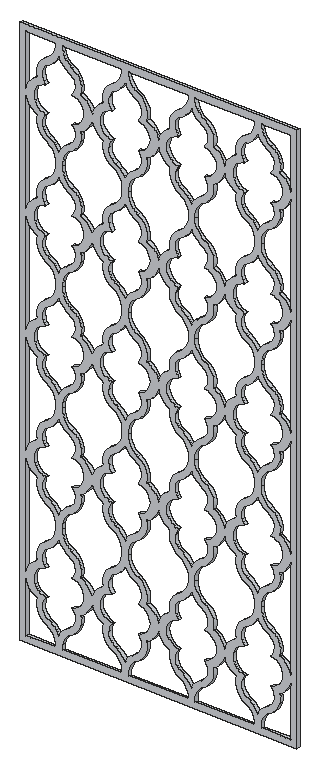
Revit family "Andalucia", category Generic Models, Revit 2016
Family settings
  Part Type = Normal
  Can host rebar = No
  Round Connector Dimension = Use Diameter
  Work Plane-Based = No
  Always vertical = Yes
  Cut with Voids When Loaded = No
  Shared = No
  Room Calculation Point = No
Reference planes (in)
  plane 1 "Center (Front/Back)": y = 0
  plane 2: z = 0
  plane 3 "Center (Left/Right)": x = 0
Forms (in)
  Extrusion 1, solid
    sketch origin (0, 0, 0) x (1, 0, 0) y (0, 0, 1)
      loop
        line (48, 96) -> (0, 96) -> (0, 0) -> (48, 0) -> (48, 96)
      loop
        line (1, 94.90526) -> (1, 86.16318)
        arc (1, 86.16318) -> (1.75019, 87.50892) -> (3.00772, 88.3991) r 3.48137
        arc (3.00772, 88.3991) -> (3.12012, 90.45573) -> (4.50141, 91.9836) r 3.08612
        arc (4.50141, 91.9836) -> (5.78282, 93.18885) -> (6.16825, 94.90526) r 3
        line (6.16825, 94.90526) -> (1, 94.90526)
      loop
        arc (7.33175, 94.90526) -> (7.72438, 93.17629) -> (9.02462, 91.97095) r 3
        arc (9.02462, 91.97095) -> (10.38717, 90.44269) -> (10.4943, 88.39803) r 3.08816
        arc (10.4943, 88.39803) -> (11.75053, 87.50799) -> (12.5, 86.16314) r 3.48102
        arc (12.5, 86.16314) -> (13.24947, 87.50799) -> (14.5057, 88.39803) r 3.48102
        arc (14.5057, 88.39803) -> (14.61283, 90.44269) -> (15.97538, 91.97095) r 3.08816
        arc (15.97538, 91.97095) -> (17.27562, 93.17629) -> (17.66825, 94.90526) r 3
        line (17.66825, 94.90526) -> (7.33175, 94.90526)
      loop
        arc (18.83175, 94.90526) -> (19.21718, 93.18885) -> (20.49859, 91.9836) r 3
        arc (20.49859, 91.9836) -> (21.87988, 90.45573) -> (21.99228, 88.3991) r 3.08612
        arc (21.99228, 88.3991) -> (23.24981, 87.50892) -> (24, 86.16318) r 3.48137
        arc (24, 86.16318) -> (24.75019, 87.50892) -> (26.00772, 88.3991) r 3.48137
        arc (26.00772, 88.3991) -> (26.12012, 90.45573) -> (27.50141, 91.9836) r 3.08612
        arc (27.50141, 91.9836) -> (28.78282, 93.18885) -> (29.16825, 94.90526) r 3
        line (29.16825, 94.90526) -> (18.83175, 94.90526)
      loop
        arc (30.33175, 94.90526) -> (30.72438, 93.17629) -> (32.02462, 91.97095) r 3
        arc (32.02462, 91.97095) -> (33.38717, 90.44269) -> (33.4943, 88.39803) r 3.08816
        arc (33.4943, 88.39803) -> (34.75053, 87.50799) -> (35.5, 86.16314) r 3.48102
        arc (35.5, 86.16314) -> (36.24947, 87.50799) -> (37.5057, 88.39803) r 3.48102
        arc (37.5057, 88.39803) -> (37.61283, 90.44269) -> (38.97538, 91.97095) r 3.08816
        arc (38.97538, 91.97095) -> (40.27562, 93.17629) -> (40.66825, 94.90526) r 3
        line (40.66825, 94.90526) -> (30.33175, 94.90526)
      loop
        arc (41.83175, 94.90526) -> (42.21718, 93.18885) -> (43.49859, 91.9836) r 3
        arc (43.49859, 91.9836) -> (44.87988, 90.45573) -> (44.99228, 88.3991) r 3.08612
        arc (44.99228, 88.3991) -> (46.24981, 87.50892) -> (47, 86.16318) r 3.48137
        line (47, 86.16318) -> (47, 94.90526) -> (41.83175, 94.90526)
      loop
        arc (39.49982, 91.1144) -> (38.43167, 89.59963) -> (39.01354, 87.83983) r 2.05948
        arc (39.01354, 87.83983) -> (36.94675, 85.51478) -> (39.01593, 83.19185) r 2.33984
        arc (39.01593, 83.19185) -> (38.44241, 81.34608) -> (39.64907, 79.8362) r 2.06216
        arc (39.64907, 79.8362) -> (40.57397, 79.11487) -> (41.25, 78.15637) r 4.0018
        arc (41.25, 78.15637) -> (41.92603, 79.11487) -> (42.85093, 79.8362) r 4.0018
        arc (42.85093, 79.8362) -> (44.05759, 81.34608) -> (43.48407, 83.19185) r 2.06216
        arc (43.48407, 83.19185) -> (45.55325, 85.51478) -> (43.48646, 87.83983) r 2.33984
        arc (43.48646, 87.83983) -> (44.05735, 89.68497) -> (42.85093, 91.19328) r 2.06222
        arc (42.85093, 91.19328) -> (41.92603, 91.9146) -> (41.25, 92.8731) r 4.0018
        arc (41.25, 92.8731) -> (40.51517, 91.85416) -> (39.49982, 91.1144) r 3.9877
      loop
        arc (47, 84.868) -> (46.24968, 83.52269) -> (44.99228, 82.63286) r 3.48124
        arc (44.99228, 82.63286) -> (44.87261, 80.55716) -> (43.46352, 79.02833) r 3.08642
        arc (43.46352, 79.02833) -> (42.20752, 77.82356) -> (41.83175, 76.12421) r 3
        arc (41.83175, 76.12421) -> (42.20752, 74.42486) -> (43.46352, 73.22009) r 3
        arc (43.46352, 73.22009) -> (44.87261, 71.69126) -> (44.99228, 69.61556) r 3.08642
        arc (44.99228, 69.61556) -> (46.24968, 68.72573) -> (47, 67.38042) r 3.48124
        line (47, 67.38042) -> (47, 84.868)
      loop
        arc (33.4943, 82.63393) -> (33.38208, 80.57569) -> (31.99986, 79.0465) r 3.08837
        arc (31.99986, 79.0465) -> (30.71753, 77.84124) -> (30.33175, 76.12421) r 3
        arc (30.33175, 76.12421) -> (30.71753, 74.40718) -> (31.99986, 73.20192) r 3
        arc (31.99986, 73.20192) -> (33.38208, 71.67273) -> (33.4943, 69.61449) r 3.08837
        arc (33.4943, 69.61449) -> (34.7504, 68.72479) -> (35.5, 67.38038) r 3.4809
        arc (35.5, 67.38038) -> (36.2496, 68.72479) -> (37.5057, 69.61449) r 3.4809
        arc (37.5057, 69.61449) -> (37.61792, 71.67273) -> (39.00014, 73.20192) r 3.08837
        arc (39.00014, 73.20192) -> (40.28247, 74.40718) -> (40.66825, 76.12421) r 3
        arc (40.66825, 76.12421) -> (40.28247, 77.84124) -> (39.00014, 79.0465) r 3
        arc (39.00014, 79.0465) -> (37.61792, 80.57569) -> (37.5057, 82.63393) r 3.08837
        arc (37.5057, 82.63393) -> (36.2496, 83.52363) -> (35.5, 84.86804) r 3.4809
        arc (35.5, 84.86804) -> (34.7504, 83.52363) -> (33.4943, 82.63393) r 3.4809
      loop
        arc (27.53648, 79.02833) -> (26.12739, 80.55716) -> (26.00772, 82.63286) r 3.08642
        arc (26.00772, 82.63286) -> (24.75032, 83.52269) -> (24, 84.868) r 3.48124
        arc (24, 84.868) -> (23.24968, 83.52269) -> (21.99228, 82.63286) r 3.48124
        arc (21.99228, 82.63286) -> (21.87261, 80.55716) -> (20.46352, 79.02833) r 3.08642
        arc (20.46352, 79.02833) -> (19.20752, 77.82356) -> (18.83175, 76.12421) r 3
        arc (18.83175, 76.12421) -> (19.20752, 74.42486) -> (20.46352, 73.22009) r 3
        arc (20.46352, 73.22009) -> (21.87261, 71.69126) -> (21.99228, 69.61556) r 3.08642
        arc (21.99228, 69.61556) -> (23.24968, 68.72573) -> (24, 67.38042) r 3.48124
        arc (24, 67.38042) -> (24.75032, 68.72573) -> (26.00772, 69.61556) r 3.48124
        arc (26.00772, 69.61556) -> (26.12739, 71.69126) -> (27.53648, 73.22009) r 3.08642
        arc (27.53648, 73.22009) -> (28.79248, 74.42486) -> (29.16825, 76.12421) r 3
        arc (29.16825, 76.12421) -> (28.79248, 77.82356) -> (27.53648, 79.02833) r 3
      loop
        arc (28.14907, 79.8362) -> (29.07397, 79.11487) -> (29.75, 78.15637) r 4.0018
        arc (29.75, 78.15637) -> (30.42603, 79.11487) -> (31.35093, 79.8362) r 4.0018
        arc (31.35093, 79.8362) -> (32.55759, 81.34608) -> (31.98407, 83.19185) r 2.06216
        arc (31.98407, 83.19185) -> (34.05325, 85.51478) -> (31.98646, 87.83983) r 2.33984
        arc (31.98646, 87.83983) -> (32.56833, 89.59963) -> (31.50018, 91.1144) r 2.05948
        arc (31.50018, 91.1144) -> (30.48483, 91.85416) -> (29.75, 92.8731) r 3.9877
        arc (29.75, 92.8731) -> (29.07397, 91.9146) -> (28.14907, 91.19328) r 4.0018
        arc (28.14907, 91.19328) -> (26.94265, 89.68497) -> (27.51354, 87.83983) r 2.06222
        arc (27.51354, 87.83983) -> (25.44675, 85.51478) -> (27.51593, 83.19185) r 2.33984
        arc (27.51593, 83.19185) -> (26.94241, 81.34608) -> (28.14907, 79.8362) r 2.06216
      loop
        arc (16.49982, 91.1144) -> (15.43167, 89.59963) -> (16.01354, 87.83983) r 2.05948
        arc (16.01354, 87.83983) -> (13.94675, 85.51478) -> (16.01593, 83.19185) r 2.33984
        arc (16.01593, 83.19185) -> (15.44241, 81.34608) -> (16.64907, 79.8362) r 2.06216
        arc (16.64907, 79.8362) -> (17.57397, 79.11487) -> (18.25, 78.15637) r 4.0018
        arc (18.25, 78.15637) -> (18.92603, 79.11487) -> (19.85093, 79.8362) r 4.0018
        arc (19.85093, 79.8362) -> (21.05759, 81.34608) -> (20.48407, 83.19185) r 2.06216
        arc (20.48407, 83.19185) -> (22.55325, 85.51478) -> (20.48646, 87.83983) r 2.33984
        arc (20.48646, 87.83983) -> (21.05735, 89.68497) -> (19.85093, 91.19328) r 2.06222
        arc (19.85093, 91.19328) -> (18.92603, 91.9146) -> (18.25, 92.8731) r 4.0018
        arc (18.25, 92.8731) -> (17.51517, 91.85416) -> (16.49982, 91.1144) r 3.9877
      loop
        arc (14.5057, 82.63393) -> (13.2496, 83.52363) -> (12.5, 84.86804) r 3.4809
        arc (12.5, 84.86804) -> (11.7504, 83.52363) -> (10.4943, 82.63393) r 3.4809
        arc (10.4943, 82.63393) -> (10.38208, 80.57569) -> (8.99986, 79.0465) r 3.08837
        arc (8.99986, 79.0465) -> (7.71753, 77.84124) -> (7.33175, 76.12421) r 3
        arc (7.33175, 76.12421) -> (7.71753, 74.40718) -> (8.99986, 73.20192) r 3
        arc (8.99986, 73.20192) -> (10.38208, 71.67273) -> (10.4943, 69.61449) r 3.08837
        arc (10.4943, 69.61449) -> (11.7504, 68.72479) -> (12.5, 67.38038) r 3.4809
        arc (12.5, 67.38038) -> (13.2496, 68.72479) -> (14.5057, 69.61449) r 3.4809
        arc (14.5057, 69.61449) -> (14.61792, 71.67273) -> (16.00014, 73.20192) r 3.08837
        arc (16.00014, 73.20192) -> (17.28247, 74.40718) -> (17.66825, 76.12421) r 3
        arc (17.66825, 76.12421) -> (17.28247, 77.84124) -> (16.00014, 79.0465) r 3
        arc (16.00014, 79.0465) -> (14.61792, 80.57569) -> (14.5057, 82.63393) r 3.08837
      loop
        arc (5.14907, 91.19328) -> (3.94265, 89.68497) -> (4.51354, 87.83983) r 2.06222
        arc (4.51354, 87.83983) -> (2.44675, 85.51478) -> (4.51593, 83.19185) r 2.33984
        arc (4.51593, 83.19185) -> (3.94241, 81.34608) -> (5.14907, 79.8362) r 2.06216
        arc (5.14907, 79.8362) -> (6.07397, 79.11487) -> (6.75, 78.15637) r 4.0018
        arc (6.75, 78.15637) -> (7.42603, 79.11487) -> (8.35093, 79.8362) r 4.0018
        arc (8.35093, 79.8362) -> (9.55759, 81.34608) -> (8.98407, 83.19185) r 2.06216
        arc (8.98407, 83.19185) -> (11.05325, 85.51478) -> (8.98646, 87.83983) r 2.33984
        arc (8.98646, 87.83983) -> (9.56833, 89.59963) -> (8.50018, 91.1144) r 2.05948
        arc (8.50018, 91.1144) -> (7.48483, 91.85416) -> (6.75, 92.8731) r 3.9877
        arc (6.75, 92.8731) -> (6.07397, 91.9146) -> (5.14907, 91.19328) r 4.0018
      loop
        line (1, 84.868) -> (1, 67.38042)
        arc (1, 67.38042) -> (1.75032, 68.72573) -> (3.00772, 69.61556) r 3.48124
        arc (3.00772, 69.61556) -> (3.12739, 71.69126) -> (4.53648, 73.22009) r 3.08642
        arc (4.53648, 73.22009) -> (5.79248, 74.42486) -> (6.16825, 76.12421) r 3
        arc (6.16825, 76.12421) -> (5.79248, 77.82356) -> (4.53648, 79.02833) r 3
        arc (4.53648, 79.02833) -> (3.12739, 80.55716) -> (3.00772, 82.63286) r 3.08642
        arc (3.00772, 82.63286) -> (1.75032, 83.52269) -> (1, 84.868) r 3.48124
      loop
        arc (1, 48.60107) -> (1.75019, 49.94682) -> (3.00772, 50.837) r 3.48137
        arc (3.00772, 50.837) -> (3.12012, 52.89362) -> (4.50141, 54.42149) r 3.08612
        arc (4.50141, 54.42149) -> (5.78282, 55.62674) -> (6.16825, 57.34316) r 3
        arc (6.16825, 57.34316) -> (5.78282, 59.05957) -> (4.50141, 60.26482) r 3
        arc (4.50141, 60.26482) -> (3.12012, 61.79269) -> (3.00772, 63.84932) r 3.08612
        arc (3.00772, 63.84932) -> (1.75019, 64.7395) -> (1, 66.08524) r 3.48137
        line (1, 66.08524) -> (1, 48.60107)
      loop
        arc (16.64907, 72.41222) -> (15.44241, 70.90234) -> (16.01593, 69.05657) r 2.06216
        arc (16.01593, 69.05657) -> (13.94675, 66.73364) -> (16.01354, 64.40859) r 2.33984
        arc (16.01354, 64.40859) -> (15.43167, 62.64879) -> (16.49982, 61.13402) r 2.05948
        arc (16.49982, 61.13402) -> (17.51517, 60.39426) -> (18.25, 59.37532) r 3.9877
        arc (18.25, 59.37532) -> (18.92603, 60.33382) -> (19.85093, 61.05514) r 4.0018
        arc (19.85093, 61.05514) -> (21.05735, 62.56345) -> (20.48646, 64.40859) r 2.06222
        arc (20.48646, 64.40859) -> (22.55325, 66.73364) -> (20.48407, 69.05657) r 2.33984
        arc (20.48407, 69.05657) -> (21.05759, 70.90234) -> (19.85093, 72.41222) r 2.06216
        arc (19.85093, 72.41222) -> (18.92603, 73.13355) -> (18.25, 74.09205) r 4.0018
        arc (18.25, 74.09205) -> (17.57397, 73.13355) -> (16.64907, 72.41222) r 4.0018
      loop
        arc (29.75, 74.09205) -> (29.07397, 73.13355) -> (28.14907, 72.41222) r 4.0018
        arc (28.14907, 72.41222) -> (26.94241, 70.90234) -> (27.51593, 69.05657) r 2.06216
        arc (27.51593, 69.05657) -> (25.44675, 66.73364) -> (27.51354, 64.40859) r 2.33984
        arc (27.51354, 64.40859) -> (26.94265, 62.56345) -> (28.14907, 61.05514) r 2.06222
        arc (28.14907, 61.05514) -> (29.07397, 60.33382) -> (29.75, 59.37532) r 4.0018
        arc (29.75, 59.37532) -> (30.48483, 60.39426) -> (31.50018, 61.13402) r 3.9877
        arc (31.50018, 61.13402) -> (32.56833, 62.64879) -> (31.98646, 64.40859) r 2.05948
        arc (31.98646, 64.40859) -> (34.05325, 66.73364) -> (31.98407, 69.05657) r 2.33984
        arc (31.98407, 69.05657) -> (32.55759, 70.90234) -> (31.35093, 72.41222) r 2.06216
        arc (31.35093, 72.41222) -> (30.42603, 73.13355) -> (29.75, 74.09205) r 4.0018
      loop
        arc (42.85093, 72.41222) -> (41.92603, 73.13355) -> (41.25, 74.09205) r 4.0018
        arc (41.25, 74.09205) -> (40.57397, 73.13355) -> (39.64907, 72.41222) r 4.0018
        arc (39.64907, 72.41222) -> (38.44241, 70.90234) -> (39.01593, 69.05657) r 2.06216
        arc (39.01593, 69.05657) -> (36.94675, 66.73364) -> (39.01354, 64.40859) r 2.33984
        arc (39.01354, 64.40859) -> (38.43167, 62.64879) -> (39.49982, 61.13402) r 2.05948
        arc (39.49982, 61.13402) -> (40.51517, 60.39426) -> (41.25, 59.37532) r 3.9877
        arc (41.25, 59.37532) -> (41.92603, 60.33382) -> (42.85093, 61.05514) r 4.0018
        arc (42.85093, 61.05514) -> (44.05735, 62.56345) -> (43.48646, 64.40859) r 2.06222
        arc (43.48646, 64.40859) -> (45.55325, 66.73364) -> (43.48407, 69.05657) r 2.33984
        arc (43.48407, 69.05657) -> (44.05759, 70.90234) -> (42.85093, 72.41222) r 2.06216
      loop
        arc (4.51593, 69.05657) -> (2.44675, 66.73364) -> (4.51354, 64.40859) r 2.33984
        arc (4.51354, 64.40859) -> (3.94265, 62.56345) -> (5.14907, 61.05514) r 2.06222
        arc (5.14907, 61.05514) -> (6.07397, 60.33382) -> (6.75, 59.37532) r 4.0018
        arc (6.75, 59.37532) -> (7.48483, 60.39426) -> (8.50018, 61.13402) r 3.9877
        arc (8.50018, 61.13402) -> (9.56833, 62.64879) -> (8.98646, 64.40859) r 2.05948
        arc (8.98646, 64.40859) -> (11.05325, 66.73364) -> (8.98407, 69.05657) r 2.33984
        arc (8.98407, 69.05657) -> (9.55759, 70.90234) -> (8.35093, 72.41222) r 2.06216
        arc (8.35093, 72.41222) -> (7.42603, 73.13355) -> (6.75, 74.09205) r 4.0018
        arc (6.75, 74.09205) -> (6.07397, 73.13355) -> (5.14907, 72.41222) r 4.0018
        arc (5.14907, 72.41222) -> (3.94241, 70.90234) -> (4.51593, 69.05657) r 2.06216
      loop
        arc (21.99228, 63.84932) -> (21.87988, 61.79269) -> (20.49859, 60.26482) r 3.08612
        arc (20.49859, 60.26482) -> (19.21718, 59.05957) -> (18.83175, 57.34316) r 3
        arc (18.83175, 57.34316) -> (19.21718, 55.62674) -> (20.49859, 54.42149) r 3
        arc (20.49859, 54.42149) -> (21.87988, 52.89362) -> (21.99228, 50.837) r 3.08612
        arc (21.99228, 50.837) -> (23.24981, 49.94682) -> (24, 48.60107) r 3.48137
        arc (24, 48.60107) -> (24.75019, 49.94682) -> (26.00772, 50.837) r 3.48137
        arc (26.00772, 50.837) -> (26.12012, 52.89362) -> (27.50141, 54.42149) r 3.08612
        arc (27.50141, 54.42149) -> (28.78282, 55.62674) -> (29.16825, 57.34316) r 3
        arc (29.16825, 57.34316) -> (28.78282, 59.05957) -> (27.50141, 60.26482) r 3
        arc (27.50141, 60.26482) -> (26.12012, 61.79269) -> (26.00772, 63.84932) r 3.08612
        arc (26.00772, 63.84932) -> (24.75019, 64.7395) -> (24, 66.08524) r 3.48137
        arc (24, 66.08524) -> (23.24981, 64.7395) -> (21.99228, 63.84932) r 3.48137
      loop
        arc (35.5, 66.08528) -> (34.75053, 64.74043) -> (33.4943, 63.85039) r 3.48102
        arc (33.4943, 63.85039) -> (33.38717, 61.80573) -> (32.02462, 60.27747) r 3.08816
        arc (32.02462, 60.27747) -> (30.72438, 59.07213) -> (30.33175, 57.34316) r 3
        arc (30.33175, 57.34316) -> (30.72438, 55.61419) -> (32.02462, 54.40884) r 3
        arc (32.02462, 54.40884) -> (33.38717, 52.88059) -> (33.4943, 50.83593) r 3.08816
        arc (33.4943, 50.83593) -> (34.75053, 49.94588) -> (35.5, 48.60103) r 3.48102
        arc (35.5, 48.60103) -> (36.24947, 49.94588) -> (37.5057, 50.83593) r 3.48102
        arc (37.5057, 50.83593) -> (37.61283, 52.88059) -> (38.97538, 54.40884) r 3.08816
        arc (38.97538, 54.40884) -> (40.27562, 55.61419) -> (40.66825, 57.34316) r 3
        arc (40.66825, 57.34316) -> (40.27562, 59.07213) -> (38.97538, 60.27747) r 3
        arc (38.97538, 60.27747) -> (37.61283, 61.80573) -> (37.5057, 63.85039) r 3.08816
        arc (37.5057, 63.85039) -> (36.24947, 64.74043) -> (35.5, 66.08528) r 3.48102
      loop
        arc (44.99228, 63.84932) -> (44.87988, 61.79269) -> (43.49859, 60.26482) r 3.08612
        arc (43.49859, 60.26482) -> (42.21718, 59.05957) -> (41.83175, 57.34316) r 3
        arc (41.83175, 57.34316) -> (42.21718, 55.62674) -> (43.49859, 54.42149) r 3
        arc (43.49859, 54.42149) -> (44.87988, 52.89362) -> (44.99228, 50.837) r 3.08612
        arc (44.99228, 50.837) -> (46.24981, 49.94682) -> (47, 48.60107) r 3.48137
        line (47, 48.60107) -> (47, 66.08524)
        arc (47, 66.08524) -> (46.24981, 64.7395) -> (44.99228, 63.84932) r 3.48137
      loop
        arc (12.5, 66.08528) -> (11.75053, 64.74043) -> (10.4943, 63.85039) r 3.48102
        arc (10.4943, 63.85039) -> (10.38717, 61.80573) -> (9.02462, 60.27747) r 3.08816
        arc (9.02462, 60.27747) -> (7.72438, 59.07213) -> (7.33175, 57.34316) r 3
        arc (7.33175, 57.34316) -> (7.72438, 55.61419) -> (9.02462, 54.40884) r 3
        arc (9.02462, 54.40884) -> (10.38717, 52.88059) -> (10.4943, 50.83593) r 3.08816
        arc (10.4943, 50.83593) -> (11.75053, 49.94588) -> (12.5, 48.60103) r 3.48102
        arc (12.5, 48.60103) -> (13.24947, 49.94588) -> (14.5057, 50.83593) r 3.48102
        arc (14.5057, 50.83593) -> (14.61283, 52.88059) -> (15.97538, 54.40884) r 3.08816
        arc (15.97538, 54.40884) -> (17.27562, 55.61419) -> (17.66825, 57.34316) r 3
        arc (17.66825, 57.34316) -> (17.27562, 59.07213) -> (15.97538, 60.27747) r 3
        arc (15.97538, 60.27747) -> (14.61283, 61.80573) -> (14.5057, 63.85039) r 3.08816
        arc (14.5057, 63.85039) -> (13.24947, 64.74043) -> (12.5, 66.08528) r 3.48102
      loop
        arc (5.14907, 53.63117) -> (3.94265, 52.12286) -> (4.51354, 50.27773) r 2.06222
        arc (4.51354, 50.27773) -> (2.44675, 47.95267) -> (4.51593, 45.62974) r 2.33984
        arc (4.51593, 45.62974) -> (3.94241, 43.78398) -> (5.14907, 42.27409) r 2.06216
        arc (5.14907, 42.27409) -> (6.07397, 41.55277) -> (6.75, 40.59427) r 4.0018
        arc (6.75, 40.59427) -> (7.42603, 41.55277) -> (8.35093, 42.27409) r 4.0018
        arc (8.35093, 42.27409) -> (9.55759, 43.78398) -> (8.98407, 45.62974) r 2.06216
        arc (8.98407, 45.62974) -> (11.05325, 47.95267) -> (8.98646, 50.27773) r 2.33984
        arc (8.98646, 50.27773) -> (9.56833, 52.03753) -> (8.50018, 53.55229) r 2.05948
        arc (8.50018, 53.55229) -> (7.48483, 54.29206) -> (6.75, 55.311) r 3.9877
        arc (6.75, 55.311) -> (6.07397, 54.3525) -> (5.14907, 53.63117) r 4.0018
      loop
        arc (20.48646, 50.27773) -> (21.05735, 52.12286) -> (19.85093, 53.63117) r 2.06222
        arc (19.85093, 53.63117) -> (18.92603, 54.3525) -> (18.25, 55.311) r 4.0018
        arc (18.25, 55.311) -> (17.51517, 54.29206) -> (16.49982, 53.55229) r 3.9877
        arc (16.49982, 53.55229) -> (15.43167, 52.03753) -> (16.01354, 50.27773) r 2.05948
        arc (16.01354, 50.27773) -> (13.94675, 47.95267) -> (16.01593, 45.62974) r 2.33984
        arc (16.01593, 45.62974) -> (15.44241, 43.78398) -> (16.64907, 42.27409) r 2.06216
        arc (16.64907, 42.27409) -> (17.57397, 41.55277) -> (18.25, 40.59427) r 4.0018
        arc (18.25, 40.59427) -> (18.92603, 41.55277) -> (19.85093, 42.27409) r 4.0018
        arc (19.85093, 42.27409) -> (21.05759, 43.78398) -> (20.48407, 45.62974) r 2.06216
        arc (20.48407, 45.62974) -> (22.55325, 47.95267) -> (20.48646, 50.27773) r 2.33984
      loop
        arc (10.4943, 45.07182) -> (10.38208, 43.01359) -> (8.99986, 41.4844) r 3.08837
        arc (8.99986, 41.4844) -> (7.71753, 40.27914) -> (7.33175, 38.56211) r 3
        arc (7.33175, 38.56211) -> (7.71753, 36.84507) -> (8.99986, 35.63981) r 3
        arc (8.99986, 35.63981) -> (10.38208, 34.11062) -> (10.4943, 32.05239) r 3.08837
        arc (10.4943, 32.05239) -> (11.7504, 31.16269) -> (12.5, 29.81827) r 3.4809
        arc (12.5, 29.81827) -> (13.2496, 31.16269) -> (14.5057, 32.05239) r 3.4809
        arc (14.5057, 32.05239) -> (14.61792, 34.11062) -> (16.00014, 35.63981) r 3.08837
        arc (16.00014, 35.63981) -> (17.28247, 36.84507) -> (17.66825, 38.56211) r 3
        arc (17.66825, 38.56211) -> (17.28247, 40.27914) -> (16.00014, 41.4844) r 3
        arc (16.00014, 41.4844) -> (14.61792, 43.01359) -> (14.5057, 45.07182) r 3.08837
        arc (14.5057, 45.07182) -> (13.2496, 45.96152) -> (12.5, 47.30594) r 3.4809
        arc (12.5, 47.30594) -> (11.7504, 45.96152) -> (10.4943, 45.07182) r 3.4809
      loop
        arc (24, 47.30589) -> (23.24968, 45.96058) -> (21.99228, 45.07076) r 3.48124
        arc (21.99228, 45.07076) -> (21.87261, 42.99506) -> (20.46352, 41.46623) r 3.08642
        arc (20.46352, 41.46623) -> (19.20752, 40.26146) -> (18.83175, 38.56211) r 3
        arc (18.83175, 38.56211) -> (19.20752, 36.86275) -> (20.46352, 35.65798) r 3
        arc (20.46352, 35.65798) -> (21.87261, 34.12915) -> (21.99228, 32.05345) r 3.08642
        arc (21.99228, 32.05345) -> (23.24968, 31.16363) -> (24, 29.81832) r 3.48124
        arc (24, 29.81832) -> (24.75032, 31.16363) -> (26.00772, 32.05345) r 3.48124
        arc (26.00772, 32.05345) -> (26.12739, 34.12915) -> (27.53648, 35.65798) r 3.08642
        arc (27.53648, 35.65798) -> (28.79248, 36.86275) -> (29.16825, 38.56211) r 3
        arc (29.16825, 38.56211) -> (28.79248, 40.26146) -> (27.53648, 41.46623) r 3
        arc (27.53648, 41.46623) -> (26.12739, 42.99506) -> (26.00772, 45.07076) r 3.08642
        arc (26.00772, 45.07076) -> (24.75032, 45.96058) -> (24, 47.30589) r 3.48124
      loop
        arc (27.51593, 45.62974) -> (26.94241, 43.78398) -> (28.14907, 42.27409) r 2.06216
        arc (28.14907, 42.27409) -> (29.07397, 41.55277) -> (29.75, 40.59427) r 4.0018
        arc (29.75, 40.59427) -> (30.42603, 41.55277) -> (31.35093, 42.27409) r 4.0018
        arc (31.35093, 42.27409) -> (32.55759, 43.78398) -> (31.98407, 45.62974) r 2.06216
        arc (31.98407, 45.62974) -> (34.05325, 47.95267) -> (31.98646, 50.27773) r 2.33984
        arc (31.98646, 50.27773) -> (32.56833, 52.03753) -> (31.50018, 53.55229) r 2.05948
        arc (31.50018, 53.55229) -> (30.48483, 54.29206) -> (29.75, 55.311) r 3.9877
        arc (29.75, 55.311) -> (29.07397, 54.3525) -> (28.14907, 53.63117) r 4.0018
        arc (28.14907, 53.63117) -> (26.94265, 52.12286) -> (27.51354, 50.27773) r 2.06222
        arc (27.51354, 50.27773) -> (25.44675, 47.95267) -> (27.51593, 45.62974) r 2.33984
      loop
        arc (43.48646, 50.27773) -> (44.05735, 52.12286) -> (42.85093, 53.63117) r 2.06222
        arc (42.85093, 53.63117) -> (41.92603, 54.3525) -> (41.25, 55.311) r 4.0018
        arc (41.25, 55.311) -> (40.51517, 54.29206) -> (39.49982, 53.55229) r 3.9877
        arc (39.49982, 53.55229) -> (38.43167, 52.03753) -> (39.01354, 50.27773) r 2.05948
        arc (39.01354, 50.27773) -> (36.94675, 47.95267) -> (39.01593, 45.62974) r 2.33984
        arc (39.01593, 45.62974) -> (38.44241, 43.78398) -> (39.64907, 42.27409) r 2.06216
        arc (39.64907, 42.27409) -> (40.57397, 41.55277) -> (41.25, 40.59427) r 4.0018
        arc (41.25, 40.59427) -> (41.92603, 41.55277) -> (42.85093, 42.27409) r 4.0018
        arc (42.85093, 42.27409) -> (44.05759, 43.78398) -> (43.48407, 45.62974) r 2.06216
        arc (43.48407, 45.62974) -> (45.55325, 47.95267) -> (43.48646, 50.27773) r 2.33984
      loop
        arc (47, 47.30589) -> (46.24968, 45.96058) -> (44.99228, 45.07076) r 3.48124
        arc (44.99228, 45.07076) -> (44.87261, 42.99506) -> (43.46352, 41.46623) r 3.08642
        arc (43.46352, 41.46623) -> (42.20752, 40.26146) -> (41.83175, 38.56211) r 3
        arc (41.83175, 38.56211) -> (42.20752, 36.86275) -> (43.46352, 35.65798) r 3
        arc (43.46352, 35.65798) -> (44.87261, 34.12915) -> (44.99228, 32.05345) r 3.08642
        arc (44.99228, 32.05345) -> (46.24968, 31.16363) -> (47, 29.81832) r 3.48124
        line (47, 29.81832) -> (47, 47.30589)
      loop
        arc (37.5057, 45.07182) -> (36.2496, 45.96152) -> (35.5, 47.30594) r 3.4809
        arc (35.5, 47.30594) -> (34.7504, 45.96152) -> (33.4943, 45.07182) r 3.4809
        arc (33.4943, 45.07182) -> (33.38208, 43.01359) -> (31.99986, 41.4844) r 3.08837
        arc (31.99986, 41.4844) -> (30.71753, 40.27914) -> (30.33175, 38.56211) r 3
        arc (30.33175, 38.56211) -> (30.71753, 36.84507) -> (31.99986, 35.63981) r 3
        arc (31.99986, 35.63981) -> (33.38208, 34.11062) -> (33.4943, 32.05239) r 3.08837
        arc (33.4943, 32.05239) -> (34.7504, 31.16269) -> (35.5, 29.81827) r 3.4809
        arc (35.5, 29.81827) -> (36.2496, 31.16269) -> (37.5057, 32.05239) r 3.4809
        arc (37.5057, 32.05239) -> (37.61792, 34.11062) -> (39.00014, 35.63981) r 3.08837
        arc (39.00014, 35.63981) -> (40.28247, 36.84507) -> (40.66825, 38.56211) r 3
        arc (40.66825, 38.56211) -> (40.28247, 40.27914) -> (39.00014, 41.4844) r 3
        arc (39.00014, 41.4844) -> (37.61792, 43.01359) -> (37.5057, 45.07182) r 3.08837
      loop
        line (1, 47.30589) -> (1, 29.81832)
        arc (1, 29.81832) -> (1.75032, 31.16363) -> (3.00772, 32.05345) r 3.48124
        arc (3.00772, 32.05345) -> (3.12739, 34.12915) -> (4.53648, 35.65798) r 3.08642
        arc (4.53648, 35.65798) -> (5.79248, 36.86275) -> (6.16825, 38.56211) r 3
        arc (6.16825, 38.56211) -> (5.79248, 40.26146) -> (4.53648, 41.46623) r 3
        arc (4.53648, 41.46623) -> (3.12739, 42.99506) -> (3.00772, 45.07076) r 3.08642
        arc (3.00772, 45.07076) -> (1.75032, 45.96058) -> (1, 47.30589) r 3.48124
      loop
        line (1, 1) -> (6.16825, 1)
        arc (6.16825, 1) -> (5.79248, 2.69935) -> (4.53648, 3.90412) r 3
        arc (4.53648, 3.90412) -> (3.12739, 5.43295) -> (3.00772, 7.50865) r 3.08642
        arc (3.00772, 7.50865) -> (1.75032, 8.39848) -> (1, 9.74379) r 3.48124
        line (1, 9.74379) -> (1, 1)
      loop
        arc (3.00772, 26.28721) -> (1.75019, 27.17739) -> (1, 28.52314) r 3.48137
        line (1, 28.52314) -> (1, 11.03897)
        arc (1, 11.03897) -> (1.75019, 12.38471) -> (3.00772, 13.27489) r 3.48137
        arc (3.00772, 13.27489) -> (3.12012, 15.33152) -> (4.50141, 16.85939) r 3.08612
        arc (4.50141, 16.85939) -> (5.78282, 18.06464) -> (6.16825, 19.78105) r 3
        arc (6.16825, 19.78105) -> (5.78282, 21.49747) -> (4.50141, 22.70272) r 3
        arc (4.50141, 22.70272) -> (3.12012, 24.23059) -> (3.00772, 26.28721) r 3.08612
      loop
        arc (4.51593, 31.49447) -> (2.44675, 29.17154) -> (4.51354, 26.84648) r 2.33984
        arc (4.51354, 26.84648) -> (3.94265, 25.00135) -> (5.14907, 23.49304) r 2.06222
        arc (5.14907, 23.49304) -> (6.07397, 22.77171) -> (6.75, 21.81321) r 4.0018
        arc (6.75, 21.81321) -> (7.48483, 22.83215) -> (8.50018, 23.57192) r 3.9877
        arc (8.50018, 23.57192) -> (9.56833, 25.08668) -> (8.98646, 26.84648) r 2.05948
        arc (8.98646, 26.84648) -> (11.05325, 29.17154) -> (8.98407, 31.49447) r 2.33984
        arc (8.98407, 31.49447) -> (9.55759, 33.34023) -> (8.35093, 34.85012) r 2.06216
        arc (8.35093, 34.85012) -> (7.42603, 35.57144) -> (6.75, 36.52994) r 4.0018
        arc (6.75, 36.52994) -> (6.07397, 35.57144) -> (5.14907, 34.85012) r 4.0018
        arc (5.14907, 34.85012) -> (3.94241, 33.34023) -> (4.51593, 31.49447) r 2.06216
      loop
        arc (12.5, 28.52318) -> (11.75053, 27.17833) -> (10.4943, 26.28828) r 3.48102
        arc (10.4943, 26.28828) -> (10.38717, 24.24362) -> (9.02462, 22.71537) r 3.08816
        arc (9.02462, 22.71537) -> (7.72438, 21.51002) -> (7.33175, 19.78105) r 3
        arc (7.33175, 19.78105) -> (7.72438, 18.05208) -> (9.02462, 16.84674) r 3
        arc (9.02462, 16.84674) -> (10.38717, 15.31848) -> (10.4943, 13.27382) r 3.08816
        arc (10.4943, 13.27382) -> (11.75053, 12.38378) -> (12.5, 11.03893) r 3.48102
        arc (12.5, 11.03893) -> (13.24947, 12.38378) -> (14.5057, 13.27382) r 3.48102
        arc (14.5057, 13.27382) -> (14.61283, 15.31848) -> (15.97538, 16.84674) r 3.08816
        arc (15.97538, 16.84674) -> (17.27562, 18.05208) -> (17.66825, 19.78105) r 3
        arc (17.66825, 19.78105) -> (17.27562, 21.51002) -> (15.97538, 22.71537) r 3
        arc (15.97538, 22.71537) -> (14.61283, 24.24362) -> (14.5057, 26.28828) r 3.08816
        arc (14.5057, 26.28828) -> (13.24947, 27.17833) -> (12.5, 28.52318) r 3.48102
      loop
        arc (18.25, 36.52994) -> (17.57397, 35.57144) -> (16.64907, 34.85012) r 4.0018
        arc (16.64907, 34.85012) -> (15.44241, 33.34023) -> (16.01593, 31.49447) r 2.06216
        arc (16.01593, 31.49447) -> (13.94675, 29.17154) -> (16.01354, 26.84648) r 2.33984
        arc (16.01354, 26.84648) -> (15.43167, 25.08668) -> (16.49982, 23.57192) r 2.05948
        arc (16.49982, 23.57192) -> (17.51517, 22.83215) -> (18.25, 21.81321) r 3.9877
        arc (18.25, 21.81321) -> (18.92603, 22.77171) -> (19.85093, 23.49304) r 4.0018
        arc (19.85093, 23.49304) -> (21.05735, 25.00135) -> (20.48646, 26.84648) r 2.06222
        arc (20.48646, 26.84648) -> (22.55325, 29.17154) -> (20.48407, 31.49447) r 2.33984
        arc (20.48407, 31.49447) -> (21.05759, 33.34023) -> (19.85093, 34.85012) r 2.06216
        arc (19.85093, 34.85012) -> (18.92603, 35.57144) -> (18.25, 36.52994) r 4.0018
      loop
        arc (31.35093, 34.85012) -> (30.42603, 35.57144) -> (29.75, 36.52994) r 4.0018
        arc (29.75, 36.52994) -> (29.07397, 35.57144) -> (28.14907, 34.85012) r 4.0018
        arc (28.14907, 34.85012) -> (26.94241, 33.34023) -> (27.51593, 31.49447) r 2.06216
        arc (27.51593, 31.49447) -> (25.44675, 29.17154) -> (27.51354, 26.84648) r 2.33984
        arc (27.51354, 26.84648) -> (26.94265, 25.00135) -> (28.14907, 23.49304) r 2.06222
        arc (28.14907, 23.49304) -> (29.07397, 22.77171) -> (29.75, 21.81321) r 4.0018
        arc (29.75, 21.81321) -> (30.48483, 22.83215) -> (31.50018, 23.57192) r 3.9877
        arc (31.50018, 23.57192) -> (32.56833, 25.08668) -> (31.98646, 26.84648) r 2.05948
        arc (31.98646, 26.84648) -> (34.05325, 29.17154) -> (31.98407, 31.49447) r 2.33984
        arc (31.98407, 31.49447) -> (32.55759, 33.34023) -> (31.35093, 34.85012) r 2.06216
      loop
        arc (26.00772, 26.28721) -> (24.75019, 27.17739) -> (24, 28.52314) r 3.48137
        arc (24, 28.52314) -> (23.24981, 27.17739) -> (21.99228, 26.28721) r 3.48137
        arc (21.99228, 26.28721) -> (21.87988, 24.23059) -> (20.49859, 22.70272) r 3.08612
        arc (20.49859, 22.70272) -> (19.21718, 21.49747) -> (18.83175, 19.78105) r 3
        arc (18.83175, 19.78105) -> (19.21718, 18.06464) -> (20.49859, 16.85939) r 3
        arc (20.49859, 16.85939) -> (21.87988, 15.33152) -> (21.99228, 13.27489) r 3.08612
        arc (21.99228, 13.27489) -> (23.24981, 12.38471) -> (24, 11.03897) r 3.48137
        arc (24, 11.03897) -> (24.75019, 12.38471) -> (26.00772, 13.27489) r 3.48137
        arc (26.00772, 13.27489) -> (26.12012, 15.33152) -> (27.50141, 16.85939) r 3.08612
        arc (27.50141, 16.85939) -> (28.78282, 18.06464) -> (29.16825, 19.78105) r 3
        arc (29.16825, 19.78105) -> (28.78282, 21.49747) -> (27.50141, 22.70272) r 3
        arc (27.50141, 22.70272) -> (26.12012, 24.23059) -> (26.00772, 26.28721) r 3.08612
      loop
        arc (39.64907, 34.85012) -> (38.44241, 33.34023) -> (39.01593, 31.49447) r 2.06216
        arc (39.01593, 31.49447) -> (36.94675, 29.17154) -> (39.01354, 26.84648) r 2.33984
        arc (39.01354, 26.84648) -> (38.43167, 25.08668) -> (39.49982, 23.57192) r 2.05948
        arc (39.49982, 23.57192) -> (40.51517, 22.83215) -> (41.25, 21.81321) r 3.9877
        arc (41.25, 21.81321) -> (41.92603, 22.77171) -> (42.85093, 23.49304) r 4.0018
        arc (42.85093, 23.49304) -> (44.05735, 25.00135) -> (43.48646, 26.84648) r 2.06222
        arc (43.48646, 26.84648) -> (45.55325, 29.17154) -> (43.48407, 31.49447) r 2.33984
        arc (43.48407, 31.49447) -> (44.05759, 33.34023) -> (42.85093, 34.85012) r 2.06216
        arc (42.85093, 34.85012) -> (41.92603, 35.57144) -> (41.25, 36.52994) r 4.0018
        arc (41.25, 36.52994) -> (40.57397, 35.57144) -> (39.64907, 34.85012) r 4.0018
      loop
        arc (44.99228, 26.28721) -> (44.87988, 24.23059) -> (43.49859, 22.70272) r 3.08612
        arc (43.49859, 22.70272) -> (42.21718, 21.49747) -> (41.83175, 19.78105) r 3
        arc (41.83175, 19.78105) -> (42.21718, 18.06464) -> (43.49859, 16.85939) r 3
        arc (43.49859, 16.85939) -> (44.87988, 15.33152) -> (44.99228, 13.27489) r 3.08612
        arc (44.99228, 13.27489) -> (46.24981, 12.38471) -> (47, 11.03897) r 3.48137
        line (47, 11.03897) -> (47, 28.52314)
        arc (47, 28.52314) -> (46.24981, 27.17739) -> (44.99228, 26.28721) r 3.48137
      loop
        arc (17.66825, 1) -> (17.28247, 2.71703) -> (16.00014, 3.92229) r 3
        arc (16.00014, 3.92229) -> (14.61792, 5.45148) -> (14.5057, 7.50972) r 3.08837
        arc (14.5057, 7.50972) -> (13.2496, 8.39942) -> (12.5, 9.74383) r 3.4809
        arc (12.5, 9.74383) -> (11.7504, 8.39942) -> (10.4943, 7.50972) r 3.4809
        arc (10.4943, 7.50972) -> (10.38208, 5.45148) -> (8.99986, 3.92229) r 3.08837
        arc (8.99986, 3.92229) -> (7.71753, 2.71703) -> (7.33175, 1) r 3
        line (7.33175, 1) -> (17.66825, 1)
      loop
        arc (6.75, 3.03216) -> (7.42603, 3.99066) -> (8.35093, 4.71199) r 4.0018
        arc (8.35093, 4.71199) -> (9.55759, 6.22187) -> (8.98407, 8.06764) r 2.06216
        arc (8.98407, 8.06764) -> (11.05325, 10.39057) -> (8.98646, 12.71562) r 2.33984
        arc (8.98646, 12.71562) -> (9.56833, 14.47542) -> (8.50018, 15.99019) r 2.05948
        arc (8.50018, 15.99019) -> (7.48483, 16.72995) -> (6.75, 17.74889) r 3.9877
        arc (6.75, 17.74889) -> (6.07397, 16.79039) -> (5.14907, 16.06907) r 4.0018
        arc (5.14907, 16.06907) -> (3.94265, 14.56076) -> (4.51354, 12.71562) r 2.06222
        arc (4.51354, 12.71562) -> (2.44675, 10.39057) -> (4.51593, 8.06764) r 2.33984
        arc (4.51593, 8.06764) -> (3.94241, 6.22187) -> (5.14907, 4.71199) r 2.06216
        arc (5.14907, 4.71199) -> (6.07397, 3.99066) -> (6.75, 3.03216) r 4.0018
      loop
        arc (35.5, 28.52318) -> (34.75053, 27.17833) -> (33.4943, 26.28828) r 3.48102
        arc (33.4943, 26.28828) -> (33.38717, 24.24362) -> (32.02462, 22.71537) r 3.08816
        arc (32.02462, 22.71537) -> (30.72438, 21.51002) -> (30.33175, 19.78105) r 3
        arc (30.33175, 19.78105) -> (30.72438, 18.05208) -> (32.02462, 16.84674) r 3
        arc (32.02462, 16.84674) -> (33.38717, 15.31848) -> (33.4943, 13.27382) r 3.08816
        arc (33.4943, 13.27382) -> (34.75053, 12.38378) -> (35.5, 11.03893) r 3.48102
        arc (35.5, 11.03893) -> (36.24947, 12.38378) -> (37.5057, 13.27382) r 3.48102
        arc (37.5057, 13.27382) -> (37.61283, 15.31848) -> (38.97538, 16.84674) r 3.08816
        arc (38.97538, 16.84674) -> (40.27562, 18.05208) -> (40.66825, 19.78105) r 3
        arc (40.66825, 19.78105) -> (40.27562, 21.51002) -> (38.97538, 22.71537) r 3
        arc (38.97538, 22.71537) -> (37.61283, 24.24362) -> (37.5057, 26.28828) r 3.08816
        arc (37.5057, 26.28828) -> (36.24947, 27.17833) -> (35.5, 28.52318) r 3.48102
      loop
        arc (43.48646, 12.71562) -> (44.05735, 14.56076) -> (42.85093, 16.06907) r 2.06222
        arc (42.85093, 16.06907) -> (41.92603, 16.79039) -> (41.25, 17.74889) r 4.0018
        arc (41.25, 17.74889) -> (40.51517, 16.72995) -> (39.49982, 15.99019) r 3.9877
        arc (39.49982, 15.99019) -> (38.43167, 14.47542) -> (39.01354, 12.71562) r 2.05948
        arc (39.01354, 12.71562) -> (36.94675, 10.39057) -> (39.01593, 8.06764) r 2.33984
        arc (39.01593, 8.06764) -> (38.44241, 6.22187) -> (39.64907, 4.71199) r 2.06216
        arc (39.64907, 4.71199) -> (40.57397, 3.99066) -> (41.25, 3.03216) r 4.0018
        arc (41.25, 3.03216) -> (41.92603, 3.99066) -> (42.85093, 4.71199) r 4.0018
        arc (42.85093, 4.71199) -> (44.05759, 6.22187) -> (43.48407, 8.06764) r 2.06216
        arc (43.48407, 8.06764) -> (45.55325, 10.39057) -> (43.48646, 12.71562) r 2.33984
      loop
        arc (47, 9.74379) -> (46.24968, 8.39848) -> (44.99228, 7.50865) r 3.48124
        arc (44.99228, 7.50865) -> (44.87261, 5.43295) -> (43.46352, 3.90412) r 3.08642
        arc (43.46352, 3.90412) -> (42.20752, 2.69935) -> (41.83175, 1) r 3
        line (41.83175, 1) -> (47, 1) -> (47, 9.74379)
      loop
        arc (40.66825, 1) -> (40.28247, 2.71703) -> (39.00014, 3.92229) r 3
        arc (39.00014, 3.92229) -> (37.61792, 5.45148) -> (37.5057, 7.50972) r 3.08837
        arc (37.5057, 7.50972) -> (36.2496, 8.39942) -> (35.5, 9.74383) r 3.4809
        arc (35.5, 9.74383) -> (34.7504, 8.39942) -> (33.4943, 7.50972) r 3.4809
        arc (33.4943, 7.50972) -> (33.38208, 5.45148) -> (31.99986, 3.92229) r 3.08837
        arc (31.99986, 3.92229) -> (30.71753, 2.71703) -> (30.33175, 1) r 3
        line (30.33175, 1) -> (40.66825, 1)
      loop
        arc (29.75, 17.74889) -> (29.07397, 16.79039) -> (28.14907, 16.06907) r 4.0018
        arc (28.14907, 16.06907) -> (26.94265, 14.56076) -> (27.51354, 12.71562) r 2.06222
        arc (27.51354, 12.71562) -> (25.44675, 10.39057) -> (27.51593, 8.06764) r 2.33984
        arc (27.51593, 8.06764) -> (26.94241, 6.22187) -> (28.14907, 4.71199) r 2.06216
        arc (28.14907, 4.71199) -> (29.07397, 3.99066) -> (29.75, 3.03216) r 4.0018
        arc (29.75, 3.03216) -> (30.42603, 3.99066) -> (31.35093, 4.71199) r 4.0018
        arc (31.35093, 4.71199) -> (32.55759, 6.22187) -> (31.98407, 8.06764) r 2.06216
        arc (31.98407, 8.06764) -> (34.05325, 10.39057) -> (31.98646, 12.71562) r 2.33984
        arc (31.98646, 12.71562) -> (32.56833, 14.47542) -> (31.50018, 15.99019) r 2.05948
        arc (31.50018, 15.99019) -> (30.48483, 16.72995) -> (29.75, 17.74889) r 3.9877
      loop
        arc (29.16825, 1) -> (28.79248, 2.69935) -> (27.53648, 3.90412) r 3
        arc (27.53648, 3.90412) -> (26.12739, 5.43295) -> (26.00772, 7.50865) r 3.08642
        arc (26.00772, 7.50865) -> (24.75032, 8.39848) -> (24, 9.74379) r 3.48124
        arc (24, 9.74379) -> (23.24968, 8.39848) -> (21.99228, 7.50865) r 3.48124
        arc (21.99228, 7.50865) -> (21.87261, 5.43295) -> (20.46352, 3.90412) r 3.08642
        arc (20.46352, 3.90412) -> (19.20752, 2.69935) -> (18.83175, 1) r 3
        line (18.83175, 1) -> (29.16825, 1)
      loop
        arc (18.25, 17.74889) -> (17.51517, 16.72995) -> (16.49982, 15.99019) r 3.9877
        arc (16.49982, 15.99019) -> (15.43167, 14.47542) -> (16.01354, 12.71562) r 2.05948
        arc (16.01354, 12.71562) -> (13.94675, 10.39057) -> (16.01593, 8.06764) r 2.33984
        arc (16.01593, 8.06764) -> (15.44241, 6.22187) -> (16.64907, 4.71199) r 2.06216
        arc (16.64907, 4.71199) -> (17.57397, 3.99066) -> (18.25, 3.03216) r 4.0018
        arc (18.25, 3.03216) -> (18.92603, 3.99066) -> (19.85093, 4.71199) r 4.0018
        arc (19.85093, 4.71199) -> (21.05759, 6.22187) -> (20.48407, 8.06764) r 2.06216
        arc (20.48407, 8.06764) -> (22.55325, 10.39057) -> (20.48646, 12.71562) r 2.33984
        arc (20.48646, 12.71562) -> (21.05735, 14.56076) -> (19.85093, 16.06907) r 2.06222
        arc (19.85093, 16.06907) -> (18.92603, 16.79039) -> (18.25, 17.74889) r 4.0018
    from 0 to 0.5
Dimensions and locks (in)
  aligned and locked: plane 2 to level
